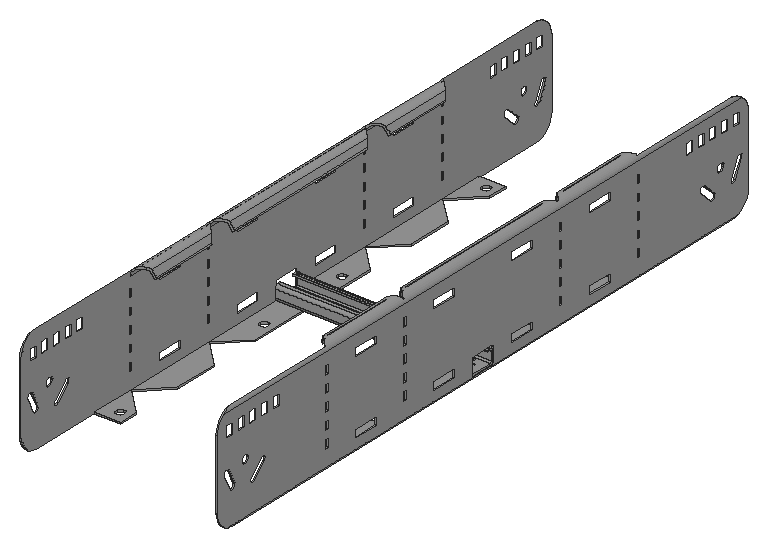
Revit family "Multifunktionsverbinder", category Generic Models, Revit 2017 (continued)
Dimensions and locks
  locked: cut or joined group 1 (Extrusion 2, Extrusion 4, Extrusion 6, Extrusion 8, Extrusion 10, Extrusion 12, Extrusion 14, Extrusion 16, Extrusion 18, Extrusion 20, Extrusion 22, Extrusion 24, Extrusion 26, Extrusion 27, Extrusion 28, Extrusion 29, Extrusion 30, Extrusion 31, Extrusion 32, Extrusion 33, Extrusion 41, Extrusion 71, Extrusion 83, Extrusion 84, Extrusion 85, Extrusion 86, Extrusion 87, Extrusion 88, Extrusion 89, Extrusion 90, Extrusion 91, Extrusion 92, Extrusion 93, Extrusion 94, Extrusion 95, Extrusion 96, Extrusion 99, Extrusion 100, Extrusion 101, Extrusion 102, Extrusion 103, Extrusion 104, Extrusion 105, Extrusion 106, Extrusion 107, Extrusion 108, Extrusion 109, Extrusion 110, Extrusion 111, Extrusion 112, Extrusion 113, Extrusion 114, Extrusion 115, Extrusion 116, Extrusion 117, Extrusion 118, Extrusion 119, Extrusion 120, Extrusion 121, Extrusion 122, Extrusion 123, Extrusion 124, Extrusion 125, Extrusion 126, Extrusion 127, Extrusion 128, Extrusion 130, Extrusion 131, Extrusion 132, Extrusion 133, Extrusion 134, Extrusion 135, Extrusion 136, Extrusion 137, Extrusion 138) to plane 20 at 93
  locked: cut or joined group 2 (Extrusion 3, Extrusion 5, Extrusion 7, Extrusion 9, Extrusion 11, Extrusion 13, Extrusion 15, Extrusion 17, Extrusion 19, Extrusion 21, Extrusion 23, Extrusion 25, Extrusion 26, Extrusion 27, Extrusion 28, Extrusion 29, Extrusion 30, Extrusion 31, Extrusion 32, Extrusion 33, Extrusion 35, Extrusion 36, Extrusion 37, Extrusion 38, Extrusion 39, Extrusion 41, Extrusion 42, Extrusion 43, Extrusion 44, Extrusion 45, Extrusion 48, Extrusion 49, Extrusion 50, Extrusion 51, Extrusion 52, Extrusion 53, Extrusion 54, Extrusion 55, Extrusion 56, Extrusion 57, Extrusion 58, Extrusion 59, Extrusion 60, Extrusion 61, Extrusion 62, Extrusion 66, Extrusion 67, Extrusion 68, Extrusion 69, Extrusion 70, Extrusion 71, Extrusion 72, Extrusion 73, Extrusion 74, Extrusion 75, Extrusion 76, Extrusion 77, Extrusion 78, Extrusion 79, Extrusion 80, Extrusion 81, Extrusion 82, Extrusion 83, Extrusion 84, Extrusion 85, Extrusion 90, Extrusion 91, Extrusion 96, Extrusion 97, Extrusion 98, Extrusion 99, Extrusion 104, Extrusion 112, Extrusion 117, Extrusion 122, Extrusion 127, Extrusion 128, Extrusion 129, Extrusion 130, Extrusion 131, Extrusion 132, Extrusion 133, Extrusion 138) to plane 21 at 93
  locked: cut or joined group 1 to plane 22 at 140
  locked: plane 23 to plane 22 at 100
  locked: plane 27 to plane 22 at 100
  locked: plane 33 to plane 22 at 100.013
  locked: cut or joined group 1 to plane 44 at 93
  locked: plane 57 to cut or joined group 2 at 15
  locked: cut or joined group 2 to plane 58 at 90.6
  locked: Extrusion 34 sketch curve to Extrusion 34 sketch curve at 9
  locked: Extrusion 34 sketch curve to plane 60 at 4.5
  locked: Extrusion 34 sketch curve to Extrusion 34 sketch curve at 12
  Extrusion 34 sketch curve to plane 60 = 4.5 mm
  locked: Extrusion 35 sketch curve to Extrusion 35 sketch curve at 9
  locked: Extrusion 35 sketch curve to plane 62 at 4.5
  locked: Extrusion 35 sketch curve to Extrusion 35 sketch curve at 12
  Extrusion 35 sketch curve to plane 62 = 4.5 mm
  locked: Extrusion 36 sketch curve to Extrusion 36 sketch curve at 9
  locked: Extrusion 36 sketch curve to plane 64 at 4.5
  locked: Extrusion 36 sketch curve to Extrusion 36 sketch curve at 12
  Extrusion 36 sketch curve to plane 64 = 4.5 mm
  locked: Extrusion 37 sketch curve to Extrusion 37 sketch curve at 9
  locked: Extrusion 37 sketch curve to plane 66 at 4.5
  locked: Extrusion 37 sketch curve to Extrusion 37 sketch curve at 12
  Extrusion 37 sketch curve to plane 66 = 4.5 mm
  locked: Extrusion 38 sketch curve to Extrusion 38 sketch curve at 9
  locked: Extrusion 38 sketch curve to plane 68 at 4.5
  locked: Extrusion 38 sketch curve to Extrusion 38 sketch curve at 12
  Extrusion 38 sketch curve to plane 68 = 4.5 mm
  locked: Extrusion 39 sketch curve to Extrusion 39 sketch curve at 9
  locked: Extrusion 39 sketch curve to plane 70 at 4.5
  locked: Extrusion 39 sketch curve to Extrusion 39 sketch curve at 12
  Extrusion 39 sketch curve to plane 70 = 4.5 mm
  locked: cut or joined group 2 to cut or joined group 2 at 15.42  (x2)
  locked: cut or joined group 2 to cut or joined group 2 at 10.5
  Extrusion 40 sketch curve to Extrusion 40 sketch curve = 9 mm
  locked: Extrusion 40 sketch curve to Extrusion 40 sketch curve at 4
  plane 71 to Extrusion 40 sketch curve = 4.5 mm
  locked: plane 71 to Extrusion 40 sketch curve at 4.5
  locked: Extrusion 41 sketch curve to Extrusion 41 sketch curve at 9
  locked: Extrusion 41 sketch curve to Extrusion 41 sketch curve at 4
  cut or joined group 2 to Extrusion 41 sketch curve = 16.459 mm
  locked: Extrusion 42 sketch curve to Extrusion 42 sketch curve at 9
  locked: Extrusion 42 sketch curve to Extrusion 42 sketch curve at 4
  locked: Extrusion 43 sketch curve to Extrusion 43 sketch curve at 9
  locked: Extrusion 43 sketch curve to Extrusion 43 sketch curve at 4
  locked: Extrusion 44 sketch curve to Extrusion 44 sketch curve at 9
  locked: Extrusion 44 sketch curve to Extrusion 44 sketch curve at 4
  locked: Extrusion 45 sketch curve to Extrusion 45 sketch curve at 9
  locked: Extrusion 45 sketch curve to Extrusion 45 sketch curve at 4
  Extrusion 46 sketch curve to Extrusion 46 sketch curve = 9 mm
  locked: Extrusion 46 sketch curve to Extrusion 46 sketch curve at 4
  plane 73 to Extrusion 46 sketch curve = 4.5 mm
  locked: plane 73 to Extrusion 46 sketch curve at 4.5
  Extrusion 47 sketch curve to Extrusion 47 sketch curve = 9 mm
  locked: Extrusion 47 sketch curve to Extrusion 47 sketch curve at 4
  plane 74 to Extrusion 47 sketch curve = 4.5 mm
  locked: plane 74 to Extrusion 47 sketch curve at 4.5
  locked: Extrusion 48 sketch curve to Extrusion 48 sketch curve at 9
  locked: Extrusion 48 sketch curve to Extrusion 48 sketch curve at 4
  locked: Extrusion 49 sketch curve to Extrusion 49 sketch curve at 9
  locked: Extrusion 49 sketch curve to Extrusion 49 sketch curve at 4
  locked: Extrusion 50 sketch curve to Extrusion 50 sketch curve at 9
  locked: Extrusion 50 sketch curve to Extrusion 50 sketch curve at 4
  locked: Extrusion 51 sketch curve to Extrusion 51 sketch curve at 9
  locked: Extrusion 51 sketch curve to Extrusion 51 sketch curve at 4
  locked: Extrusion 52 sketch curve to Extrusion 52 sketch curve at 9
  locked: Extrusion 52 sketch curve to Extrusion 52 sketch curve at 4
  locked: Extrusion 53 sketch curve to Extrusion 53 sketch curve at 9
  locked: Extrusion 53 sketch curve to Extrusion 53 sketch curve at 4
  locked: Extrusion 54 sketch curve to Extrusion 54 sketch curve at 9
  locked: Extrusion 54 sketch curve to Extrusion 54 sketch curve at 4
  locked: Extrusion 55 sketch curve to Extrusion 55 sketch curve at 9
  locked: Extrusion 55 sketch curve to Extrusion 55 sketch curve at 4
  locked: Extrusion 56 sketch curve to Extrusion 56 sketch curve at 9
  locked: Extrusion 56 sketch curve to Extrusion 56 sketch curve at 4
  locked: Extrusion 57 sketch curve to Extrusion 57 sketch curve at 9
  locked: Extrusion 57 sketch curve to Extrusion 57 sketch curve at 4
  locked: Extrusion 58 sketch curve to Extrusion 58 sketch curve at 9
  locked: Extrusion 58 sketch curve to Extrusion 58 sketch curve at 4
  locked: Extrusion 59 sketch curve to Extrusion 59 sketch curve at 9
  locked: Extrusion 59 sketch curve to Extrusion 59 sketch curve at 4
  locked: Extrusion 60 sketch curve to Extrusion 60 sketch curve at 9
  locked: Extrusion 60 sketch curve to Extrusion 60 sketch curve at 4
  locked: Extrusion 61 sketch curve to Extrusion 61 sketch curve at 9
  locked: Extrusion 61 sketch curve to Extrusion 61 sketch curve at 4
  locked: Extrusion 62 sketch curve to Extrusion 62 sketch curve at 9
  locked: Extrusion 62 sketch curve to Extrusion 62 sketch curve at 4
  locked: Extrusion 63 sketch curve to Extrusion 63 sketch curve at 12
  locked: Extrusion 63 sketch curve to Extrusion 63 sketch curve at 9
  locked: Extrusion 64 sketch curve to Extrusion 64 sketch curve at 12
  locked: Extrusion 64 sketch curve to Extrusion 64 sketch curve at 9
  locked: Extrusion 65 sketch curve to Extrusion 65 sketch curve at 12
  locked: Extrusion 65 sketch curve to Extrusion 65 sketch curve at 9
  locked: Extrusion 66 sketch curve to Extrusion 66 sketch curve at 12
  locked: Extrusion 66 sketch curve to Extrusion 66 sketch curve at 9
  locked: Extrusion 67 sketch curve to Extrusion 67 sketch curve at 12
  locked: Extrusion 67 sketch curve to Extrusion 67 sketch curve at 9
  locked: Extrusion 68 sketch curve to Extrusion 68 sketch curve at 12
  locked: Extrusion 68 sketch curve to Extrusion 68 sketch curve at 9
  locked: Extrusion 69 sketch curve to Extrusion 69 sketch curve at 12
  locked: Extrusion 69 sketch curve to Extrusion 69 sketch curve at 9
  locked: Extrusion 70 sketch curve to Extrusion 70 sketch curve at 12
  locked: Extrusion 70 sketch curve to Extrusion 70 sketch curve at 9
  group 15 to group 16 = 0 mm  (x2)
  group 16 to group 15 = 15 mm
  locked: Extrusion 71 sketch curve to Extrusion 71 sketch curve at 28
  locked: Extrusion 71 sketch curve to Extrusion 71 sketch curve at 9
  locked: Extrusion 72 sketch curve to Extrusion 72 sketch curve at 28
  locked: Extrusion 72 sketch curve to Extrusion 72 sketch curve at 9
  locked: Extrusion 73 sketch curve to Extrusion 73 sketch curve at 28
  locked: Extrusion 73 sketch curve to Extrusion 73 sketch curve at 9
  locked: Extrusion 74 sketch curve to Extrusion 74 sketch curve at 28
  locked: Extrusion 74 sketch curve to Extrusion 74 sketch curve at 9
  locked: Extrusion 75 sketch curve to Extrusion 75 sketch curve at 28
  locked: Extrusion 75 sketch curve to Extrusion 75 sketch curve at 9
  group 18 to group 19 = 0 mm  (x2)
  group 19 to group 18 = 75 mm
  locked: Extrusion 76 sketch curve to Extrusion 76 sketch curve at 28
  locked: Extrusion 76 sketch curve to Extrusion 76 sketch curve at 9
  group 20 to group 21 = 0 mm  (x2)
  group 21 to group 20 = 75 mm
  locked: Extrusion 77 sketch curve to Extrusion 77 sketch curve at 28
  locked: Extrusion 77 sketch curve to Extrusion 77 sketch curve at 9
  group 22 to group 23 = 0 mm  (x2)
  group 23 to group 22 = 75 mm
  locked: Extrusion 78 sketch curve to Extrusion 78 sketch curve at 28
  locked: Extrusion 78 sketch curve to Extrusion 78 sketch curve at 9
  locked: cut or joined group 2 to plane 79 at 10
  locked: plane 80 to plane 81 at 469
  locked: plane 80 to plane 7 at 234.5
  plane 7 to plane 81 = 234.5 mm
  Extrusion 79 sketch curve to cut or joined group 2 = 8 mm
  locked: Extrusion 80 sketch curve to cut or joined group 2 at 7.853
  locked: plane 83 to plane 7 at 50
  locked: plane 7 to plane 82 at 50
  group 26 to group 27 = 0 mm  (x2)
  group 26 to group 27 = 100 mm
  locked: cut or joined group 2 to cut or joined group 2 at 5.5
  locked: cut or joined group 2 to plane 86 at 54.5
  locked: plane 87 to cut or joined group 2 at 35.5
  locked: Extrusion 83 sketch curve to cut or joined group 2 at 31
  cut or joined group 2 to Extrusion 83 sketch curve = 50 mm
  locked: cut or joined group 2 to plane 88 at 54.5
  locked: cut or joined group 2 to plane 89 at 35.5
  locked: cut or joined group 2 to Extrusion 84 sketch curve at 31
  locked: cut or joined group 2 to Extrusion 84 sketch curve at 50
  cut or joined group 1 to plane 57 = 15 mm
  locked: cut or joined group 1 to cut or joined group 2 at 10.434
  locked: cut or joined group 2 to cut or joined group 1 at 14.428
  equal spacing: group 28, group 29, group 30, group 31, group 32  (x2)
  equal spacing: group 32, group 31, group 30, group 29, group 28
  locked: plane 40 to cut or joined group 2 at 2.013
  locked: cut or joined group 2 to plane 77 at 4.5  (x3)
  locked: cut or joined group 2 to cut or joined group 2 at 16.459  (x2)
  group 36 to group 37 = 0 mm  (x2)
  group 37 to group 36 = 17.006 mm
  locked: plane 40 to cut or joined group 2 at 36
  locked: Extrusion 97 sketch curve to Extrusion 97 sketch curve at 28
  locked: Extrusion 97 sketch curve to Extrusion 97 sketch curve at 9
  locked: Extrusion 98 sketch curve to Extrusion 98 sketch curve at 28
  locked: Extrusion 98 sketch curve to Extrusion 98 sketch curve at 9
  locked: cut or joined group 2 to cut or joined group 2 at 12
  locked: cut or joined group 2 to cut or joined group 2 at 9  (x4)
  locked: cut or joined group 2 to cut or joined group 1 at 10.5
